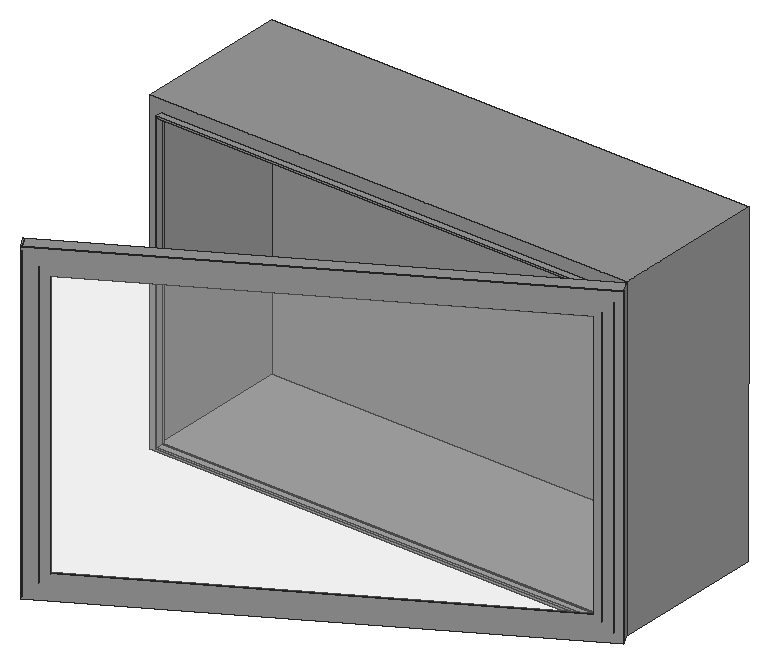
Revit family "Hager-Orion_Inox-IP66-D210-Cl.I-Inox_encl-630A-400mm-NoHosted-CH-de", category Electrical Equipment, Revit 2020
Family settings
  Panel Configuration = Two Columns, Circuits Across
  Round Connector Dimension = Use Diameter
  Part Type = Panelboard
  Work Plane-Based = Yes
  Always vertical = Yes
  Cut with Voids When Loaded = No
  Shared = No
  Room Calculation Point = No
Parameters (values of type "Aufputz IP66 B600 H400 T210  - FL017TWL")
  Width Control [instance] = if([EF000008 - Breite] > Min Width, [EF000008 - Breite], Min Width)  # 600 mm
  Type Comments = [HG000003 - Bereich]  # "Orion Inox"
  Thickness Door [instance] = if([EF009171 - Materialstärke Tür/Deckel] > 3 mm, 3 mm, [EF009171 - Materialstärke Tür/Deckel])  # 1.5 mm
  Seal Frame Offset [instance] = 17 mm  # constant formula
  Min Width [instance] = 100 mm  # constant formula
  Min Depth [instance] = (2 * [EF009170 - Materialstärke Gehäuse]) + 1 mm  # 4 mm
  Min Height [instance] = 100 mm  # constant formula
  Internal Frame Depth [instance] = -(Door System Depth * 0.5)  # -9 mm
  Panel Name [instance] = ""  # (empty or 0)
  Model = ""
  HG000027 - Sockelhöhe = 0 mm
  HG000026 - Stehend auf dem Boden = no
  HG000024 - Höhe des unteren Teils = 600 mm
  HG000023 - Gehäuse mit doppeltem Querschnitt = no
  HG000016 - 3D-Türsichtbarkeit [instance] = yes
  HG000015 - Sichtbarkeit der Türöffnung [instance] = no
  HG000014 - Tür rechts [instance] = yes
  HG000013 - Tür links [instance] = not([HG000014 - Tür rechts])  # no
  HG000012 - Türschwenkwinkel [instance] = 30.00°
  HG000010 - Asymmetrische Türen = no
  HG000009 - Doppelflügeligen Tür = no
  HG000006 - Unterputz = no
  HG000004 - Herstellerreferenz = "FL017TWL"
  HG000003 - Bereich = "Orion Inox"
  HG000002 - Mit tür = yes
  Frame Offset Bottom [instance] = 10 mm  # constant formula
  Frame Offset [instance] = 15 mm  # constant formula
  EF015940 - Deckel mit Überdruckentlastung = no
  EF011959 - Schutzart (NEMA) = ""
  EF009554 - Anzahl der Öffnungen für Flanschplatten = 0
  EF009212 - Ausführung Deckel = "EV000116 - geschlossen"
  EF009171 - Materialstärke Tür/Deckel = 1.5 mm
  EF009170 - Materialstärke Gehäuse = 1.5 mm
  EF008873 - Nennstrom (In) = 630 A
  EF007800 - Geeignet für Blitzschutz = no
  EF006306 - Mit Schloss = yes
  EF006244 - Transparenter Deckel/Tür = yes
  EF005474 - Schutzart (IP) = "EV006422 - IP66"
  EF004464 - Art der Tür = "EV002646 - Einzel"
  EF004427 - Anzahl der Module = 0
  EF004293 - Schlagfestigkeit = "EV006814 - IK08"
  EF003532 - Geeignet für Außengebrauch = yes
  EF002950 - Breite in Teilungseinheiten = 0
  EF001613 - Funktionserhalt = "EV000494 - ohne"
  EF001596 - Werkstoff des Gehäuses = "EV000166 - rostfreier Stahl"
  EF001131 - Innentiefe = 176 mm
  EF001088 - Anbaumöglichkeit = yes
  EF000437 - Anzahl der Leitungseinführungen = 0
  EF000339 - Art der Abdeckung = "EV004216 - Tür"
  EF000266 - Anzahl der Reihen = 0
  EF000218 - Einbautiefe = 0 mm
  EF000118 - Mit Montageplatte = no
  EF000116 - RAL-Nummer = ""
  EF000049 - Tiefe = 210 mm
  EF000040 - Höhe = 400 mm
  EF000008 - Breite = 600 mm
  EF000007 - Farbe = "EV000154 - sonstige"
  EF000003 - Montageart = "EV000384 - Aufputz"
  Door System Leaf Tolerance [instance] = 1.5 mm  # constant formula
  Door System Depth [instance] = 18 mm  # constant formula
  Description = ""
  Default Elevation = 1219.2 mm
  Connector Offset [instance] = Height Control / 2  # 200 mm
  Manufacturer = "Hager"  # constant formula
  Height Control [instance] = if([EF000040 - Höhe] > Min Height, [EF000040 - Höhe], Min Height)  # 400 mm
  Depth Control [instance] = if([EF000049 - Tiefe] > Min Depth, [EF000049 - Tiefe], Min Depth)  # 210 mm
Types (12, lengths in mm): name | Width Control | HG000004 - Herstellerreferenz | EF009212 - Ausführung Deckel | EF006306 - Mit Schloss | EF006244 - Transparenter Deckel/Tür | EF004293 - Schlagfestigkeit | EF001613 - Funktionserhalt | EF000008 - Breite
  Aufputz IP66 B300 H400 T210  - FL015BW | 300 | "FL015BW" | "EV000116 - geschlossen" | yes | no | "EV008784 - IK10" | "EV000494 - ohne" | 300
  Aufputz IP66 B300 H400 T210  - FL015BWL | 300 | "FL015BWL" | "EV000116 - geschlossen" | yes | no | "EV008784 - IK10" | "EV000494 - ohne" | 300
  Aufputz IP66 B300 H400 T210  - FL015TW | 300 | "FL015TW" | "EV000116 - geschlossen" | yes | yes | "EV006814 - IK08" | "EV000494 - ohne" | 300
  Aufputz IP66 B300 H400 T210  - FL015TWL | 300 | "FL015TWL" | "EV000116 - geschlossen" | yes | yes | "EV006814 - IK08" | "EV000494 - ohne" | 300
  Aufputz IP66 B400 H400 T210  - FL016BW | 400 | "FL016BW" | "EV009916 - mit Ausschnitt" | no | no | "EV008784 - IK10" | "" | 400
  Aufputz IP66 B400 H400 T210  - FL016BWL | 400 | "FL016BWL" | "EV009916 - mit Ausschnitt" | no | no | "EV008784 - IK10" | "" | 400
  Aufputz IP66 B400 H400 T210  - FL016TW | 400 | "FL016TW" | "EV000116 - geschlossen" | yes | yes | "EV006814 - IK08" | "EV000494 - ohne" | 400
  Aufputz IP66 B400 H400 T210  - FL016TWL | 400 | "FL016TWL" | "EV000116 - geschlossen" | yes | yes | "EV006814 - IK08" | "EV000494 - ohne" | 400
  Aufputz IP66 B600 H400 T210  - FL017BW | 600 | "FL017BW" | "EV000116 - geschlossen" | yes | no | "EV008784 - IK10" | "EV000494 - ohne" | 600
  Aufputz IP66 B600 H400 T210  - FL017BWL | 600 | "FL017BWL" | "EV000116 - geschlossen" | yes | no | "EV008784 - IK10" | "EV000494 - ohne" | 600
  Aufputz IP66 B600 H400 T210  - FL017TW | 600 | "FL017TW" | "EV000116 - geschlossen" | yes | yes | "EV006814 - IK08" | "EV000494 - ohne" | 600
  Aufputz IP66 B600 H400 T210  - FL017TWL | 600 | "FL017TWL" | "EV000116 - geschlossen" | yes | yes | "EV006814 - IK08" | "EV000494 - ohne" | 600
Reference planes
  plane 1 "Center (Front/Back)": y = 0
  plane 2: z = 0
  plane 3 "Center (Left/Right)": x = 0
  plane 4: y = 0
  plane 5: y = 0
  plane 6: z = 0
  plane 7: x = -300
  plane 8: x = 300
  plane 9: x = 298.5
  plane 10: x = -298.5
  plane 11: z = 0
  plane 12: z = 1.5
  plane 13: y = -210
  plane 14: y = -1.5
  plane 15: x = 0
  plane 16: y = -192
  plane 17: y = -208.5
  plane 18: y = -190.5
  plane 19: x = -283.5
  plane 20: x = 283.5
  plane 21: z = 11.5
  plane 22: x = -283
  plane 23: x = 283
  plane 24: z = 0
  plane 25: z = 400
  plane 26: z = 400
  plane 27: z = 383.5
  plane 28: z = 398.5
Forms (mm)
  Extrusion 1, solid, material "Hager_Stainless_Steel", detail levels medium+fine
    sketch origin (-208.679, -4572, 0) x (-1, 0, 0) y (0, -1, 0)
      loop
        line (91.321, -4380) -> (-508.679, -4380) -> (-508.679, -4572) -> (91.321, -4572) -> (91.321, -4380)
    from 0 to 400
  Extrusion 2, void
    sketch origin (-350.771, -210, 1219.2) x (1, 0, 0) y (0, 0, 1)
      loop
        line (52.271, -820.7) -> (52.271, -1217.7) -> (649.271, -1217.7) -> (649.271, -820.7) -> (52.271, -820.7)
    from -19.5 to -208.5
  Extrusion 3, void
    sketch origin (-290.084, -192, 1219.2) x (1, 0, 0) y (0, 0, 1)
      loop
        line (6.584, -1207.7) -> (573.584, -1207.7) -> (573.584, -835.7) -> (6.584, -835.7) -> (6.584, -1207.7)
    from 0 to -1.5
  Extrusion 4, solid, material "Hager_Stainless_Steel", detail levels fine
    sketch origin (-290.084, -192, 1219.2) x (-1, 0, 0) y (0, 0, 1)
      loop
        line (-573.584, -1207.7) -> (-6.584, -1207.7) -> (-6.584, -835.7) -> (-573.584, -835.7) -> (-573.584, -1207.7)
      loop
        line (-575.084, -1209.2) -> (-5.084, -1209.2) -> (-5.084, -834.2) -> (-575.084, -834.2) -> (-575.084, -1209.2)
    from 0 to -9 <- "Internal Frame Depth"
  Extrusion 5, solid, material "Hager_Stainless_Steel", detail levels coarse
    sketch origin (0, 0, 0) x (1, 0, 0) y (0, 1, 0)
      loop
        line (-300, 0) -> (-300, -210) -> (300, -210) -> (300, 0) -> (-300, 0)
    from 0 to 400 <- "Height Control"
Cuts and joins
  Extrusion 2, Extrusion 3 cuts Extrusion 1
Lines and regions (mm)
  Masking region 1
    outline origin (0, 0, 0) x (1, 0, 0) y (0, 1, 0)
      loop
        line (-300, 0) -> (-300, -210) -> (300, -210) -> (300, 0) -> (-300, 0)
  Masking region 2
    outline origin (-290.084, -192, 1219.2) x (-1, 0, 0) y (0, 0, 1)
      loop
        line (-590.084, -1219.2) -> (9.916, -1219.2) -> (9.916, -819.2) -> (-590.084, -819.2) -> (-590.084, -1219.2)
  Masking region 3, detail levels coarse
    outline origin (0, 0, 0) x (0, 1, 0) y (0, 0, 1)
      loop
        line (0, 0) -> (0, 400) -> (-210, 400) -> (-210, 0) -> (0, 0)
  Masking region 4, detail levels medium+fine
    outline origin (0, 0, 594.038) x (0, 1, 0) y (0, 0, 1)
      loop
        line (0, -594.038) -> (0, -194.038) -> (-192, -194.038) -> (-192, -594.038) -> (0, -594.038)
Dimensions and locks
  locked: plane 1 "Center (Front/Back)" to plane 5
  "EF009170 - Materialstärke Gehäuse": plane 7 to plane 10
  "EF009170 - Materialstärke Gehäuse": plane 8 to plane 9
  equal spacing: plane 7, plane 3 "Center (Left/Right)", plane 8
  "Width Control": plane 7 to plane 8
  "Depth Control": plane 4 to plane 13
  "EF009170 - Materialstärke Gehäuse": plane 4 to plane 14
  "Height Control": plane 25 to level
  "EF009170 - Materialstärke Gehäuse": plane 12 to plane 11
  "EF009170 - Materialstärke Gehäuse": plane 17 to plane 13
  "EF009170 - Materialstärke Gehäuse": plane 18 to plane 16
  "Frame Offset Bottom": plane 21 to plane 12
  "Frame Offset": plane 10 to plane 19
  "Frame Offset": plane 9 to plane 20
  "Door System Depth": plane 16 to plane 13
  "Seal Frame Offset": plane 7 to plane 22
  "Seal Frame Offset": plane 8 to plane 23
  "EF009170 - Materialstärke Gehäuse": plane 26 to plane 28
  "Frame Offset": plane 28 to plane 27
  "Connector Offset": plane 2 to connector elem
  "Thickness Door": cut or joined group of Extrusion 1, Extrusion 2, Extrusion 3 to Extrusion 4 sketch curve
  "Thickness Door": Extrusion 4 sketch curve to plane 19
  "Thickness Door": Extrusion 4 sketch curve to plane 20
  "Thickness Door": Extrusion 4 sketch curve to plane 27
  aligned and locked: Extrusion 2 sketch curve to plane 12
  aligned and locked: Extrusion 2 sketch curve to plane 9
  aligned and locked: Extrusion 2 sketch curve to plane 10
  aligned and locked: plane 14 to Extrusion 2
  aligned and locked: plane 4 to Extrusion 1 sketch curve
  aligned and locked: plane 8 to Extrusion 1 sketch curve
  aligned and locked: plane 7 to Extrusion 1 sketch curve
  aligned and locked: Extrusion 2 to plane 18
  aligned and locked: plane 19 to Extrusion 3 sketch curve
  aligned and locked: plane 20 to Extrusion 3 sketch curve
  aligned and locked: Extrusion 3 to Extrusion 2
  aligned and locked: Extrusion 3 sketch curve to plane 21
  aligned and locked: plane 3 "Center (Left/Right)" to nested 1
  aligned and locked: Extrusion 1 sketch curve to plane 16
  aligned and locked: Masking region 1 sketch curve to plane 7
  aligned and locked: Masking region 1 sketch curve to plane 5
  aligned and locked: Masking region 1 sketch curve to plane 8
  aligned and locked: Masking region 2 sketch curve to level
  aligned and locked: level to Masking region 3 sketch curve
  aligned and locked: plane 1 "Center (Front/Back)" to Masking region 3 sketch curve
  aligned and locked: plane 13 to Masking region 3 sketch curve
  aligned and locked: Masking region 2 sketch curve to plane 8
  aligned and locked: Masking region 2 sketch curve to plane 7
  aligned and locked: plane 7 to nested 2
  aligned and locked: nested 2 to plane 5
  aligned and locked: plane 5 to Masking region 4 sketch curve
  aligned and locked: plane 26 to Masking region 4 sketch curve
  aligned and locked: Extrusion 5 sketch curve to plane 8
  aligned and locked: Extrusion 5 sketch curve to plane 7
  aligned and locked: Extrusion 5 sketch curve to plane 5
  aligned and locked: Extrusion 3 sketch curve to plane 27
  aligned and locked: Extrusion 2 sketch curve to plane 28
  aligned and locked: Extrusion 4 sketch curve to plane 27
  aligned and locked: Extrusion 4 sketch curve to plane 20
  aligned and locked: Extrusion 4 sketch curve to plane 21
  aligned and locked: Extrusion 4 sketch curve to plane 19
  aligned and locked: Masking region 2 to plane 25
  aligned and locked: Masking region 4 sketch curve to plane 24
  aligned and locked: Masking region 1 to plane 13
  aligned and locked: nested 1 to plane 16
  aligned and locked: Masking region 3 to plane 25
  aligned and locked: Masking region 4 sketch curve to plane 16
  aligned and locked: plane 24 to plane 11
  aligned and locked: plane 26 to plane 25
  aligned and locked: level to plane 24
  aligned and locked: Extrusion 1 to Masking region 3
  aligned and locked: level to nested 1
Automatic sketch dimensions
  Extrusion 5 sketch curve to plane 13 = 0 mm
  plane 27 to Masking region 2 sketch curve = 16.5 mm
  plane 27 to Masking region 3 sketch curve = 16.5 mm
  Masking region 1 sketch curve to plane 13 = 0 mm
  Extrusion 3 sketch curve to plane 21 = 0 mm
  plane 19 to Extrusion 3 sketch curve = 0 mm
  Extrusion 3 sketch curve to plane 20 = 0 mm
Nested families
  nested 1: "EC000058_OrionInox_Door" at (0, -192, 0), Double <- "HG000009 - Doppelflügeligen Tür", Transparent <- "EF006244 - Transparenter Deckel/Tür", Angle <- "HG000012 - Türschwenkwinkel", Door_Right <- "HG000014 - Tür rechts", Assymetrical <- "HG000010 - Asymmetrische Türen", Door <- "HG000002 - Mit tür", Width_Ctrl <- "Width Control", 3d_Door <- "HG000016 - 3D-Türsichtbarkeit", Clearance <- "HG000015 - Sichtbarkeit der Türöffnung", Door_Left <- "HG000013 - Tür links", Width <- "Width Control", Door_Depth <- "Door System Depth", Leaf_Tolerance <- "Door System Leaf Tolerance", Height <- "Height Control", Thickness <- "Thickness Door", type "EC000058_OrionInox_Door", detail levels medium+fine
    with min_wh 4 mm, Width_Ctrl 600 mm, Width 600 mm, Transparent yes, Thickness 1.5 mm, Seal_Material Hager_Rubber, Leaf_Width 600 mm, Leaf_Tolerance_External_Sides 0 mm, Leaf_Tolerance 1.5 mm, Leaf_Offset 0 mm, Leaf_Height 397 mm, Leaf_2_Width 600 mm, Leaf_2_Offset 300 mm, Leaf_1_Width 600 mm, Leaf_1_Offset 300 mm, Height_Ctrl 400 mm, Height 400 mm, Glass_Material Hager_Glass, Double_Clearance_Ctrl no, Double no, Door_Right_Ctrl yes, Door_Right yes, Door_Material Hager_Stainless_Steel, Door_Left_Ctrl no, Door_Left no, Door_Depth 18 mm, Door yes, Clearance_Material Hager_Clearance, Clearance_Depth 600 mm, Clearance_Ctrl no, Clearance no, Assymetrical no, Angle 30.00°, 3d_Door yes
  nested 2: "Hager_Enclosure_Symbol" at (-300, 0, 0), Height <- "Depth Control", Width <- "Width Control", type "Hager_Enclosure_Symbol"
    with Width_Ctrl 600 mm, Width 600 mm, Height_Ctrl 210 mm, Height 210 mm, A_Width_Int 13.781 mm, A_Width 165.375 mm, A_Height_Ctrl 183.75 mm, A_Height 183.75 mm
Connectors
  electrical at (0, 0, 200)
    settings: on plane 1 "Center (Front/Back)", index 1, voltage 0 V, apparent load 0 VA, apparent load phase1 0 VA, apparent load phase2 0 VA, apparent load phase3 0 VA, power factor 1, load classification "Other", number of poles 1, system type 30, power factor state 1, is connector primary yes, connector utility no, sub classification motor no, connector description ""
Definition of nested family "EC000058_OrionInox_Door"
  Parameters (values of type "EC000058_OrionInox_Door")
    min_wh [instance] = (2 * Thickness) + 1 mm  # 11 mm
    Width_Ctrl [instance] = 400 mm
    Width [instance] = 500 mm
    Transparent [instance] = yes
    Thickness [instance] = 5 mm
    Seal_Material [instance] = none
    Leaf_Width [instance] = if((Width_Ctrl - 2 * Leaf_Tolerance_External_Sides) > 0 mm, (Width_Ctrl - 2 * Leaf_Tolerance_External_Sides), min_wh)  # 400 mm
    Leaf_Tolerance_External_Sides [instance] = 0 mm  # constant formula
    Leaf_Tolerance [instance] = 1.5 mm
    Leaf_Offset [instance] = 0 mm  # constant formula
    Leaf_Height [instance] = if((Height_Ctrl - 2 * Leaf_Tolerance) > 0 mm, (Height_Ctrl - 2 * Leaf_Tolerance), min_wh)  # 497 mm
    Leaf_2_Width [instance] = if(and(and(Double, Assymetrical), Door_Left), (Leaf_Width / 3) - (Leaf_Tolerance / 2), if(and(and(Double, Assymetrical), Door_Right), (Leaf_Width / 3) * 2 - (Leaf_Tolerance / 2), if(and(Double, not(Assymetrical)), (Leaf_Width / 2) - Leaf_Tolerance, Leaf_Width)))  # 400 mm
    Leaf_2_Offset [instance] = if(and(Double, Assymetrical), Leaf_2_Width / 2, if(and(Double, not(Assymetrical)), Leaf_Width / 4, Leaf_Width / 2))  # 200 mm
    Leaf_1_Width [instance] = if(and(and(Double, Assymetrical), Door_Right), (Leaf_Width / 3) - (Leaf_Tolerance / 2), if(and(and(Double, Assymetrical), Door_Left), (Width / 3) * 2 - (Leaf_Tolerance / 2), if(and(Double, not(Assymetrical)), (Leaf_Width / 2) - Leaf_Tolerance, Leaf_Width)))  # 400 mm
    Leaf_1_Offset [instance] = if(and(Double, Assymetrical), Leaf_1_Width / 2, if(and(Double, not(Assymetrical)), Leaf_Width / 4, Leaf_Width / 2))  # 200 mm
    Height_Ctrl [instance] = if(Height > min_wh, Height, min_wh)  # 500 mm
    Height [instance] = 500 mm
    Glass_Material [instance] = none
    Double_Clearance_Ctrl [instance] = and(Double, Clearance)  # no
    Double [instance] = no
    Door_Right_Ctrl [instance] = and(or(Door_Right, Double), Door)  # yes
    Door_Right [instance] = yes
    Door_Material [instance] = none
    Door_Left_Ctrl [instance] = and(or(Door_Left, Double), Door)  # no
    Door_Left [instance] = no
    Door_Depth [instance] = 30 mm
    Door [instance] = yes
    Default Elevation = 1219.2 mm
    Clearance_Material [instance] = none
    Clearance_Depth [instance] = if(Leaf_1_Width > Leaf_2_Width, Leaf_1_Width, Leaf_2_Width)  # 400 mm
    Clearance_Ctrl [instance] = and(not(Double), Clearance)  # yes
    Clearance [instance] = yes
    Assymetrical [instance] = yes
    Angle [instance] = 30.00°
    3d_Door [instance] = yes
  Reference planes
    plane 1 "Center (Front/Back)": y = 0
    plane 2 "Bottom": z = 0
    plane 3 "Center (Left/Right)": x = 0
    plane 4: z = 500
    plane 5: x = -200
    plane 6: x = 200
    plane 7: z = 500
    plane 8: x = -200
    plane 9: z = 0
    plane 10: x = 200
    plane 11: y = 0
    plane 12: z = 1.5
    plane 13: x = -600
    plane 14: y = -400
    plane 15: x = 600
    plane 16: x = 0
    plane 17: x = 0
    plane 18: x = -200
    plane 19: x = 200
    plane 20: z = 498.5
  Forms (mm)
    Extrusion 1, solid, material <- "Clearance_Material", visible <- "Double_Clearance_Ctrl"
      sketch origin (1200, 0, 0) x (1, 0, 0) y (0, 0, -1)
        loop
          line (-1800, -498.5) -> (-600, -498.5) -> (-600, 0) -> (-1800, 0) -> (-1800, -498.5)
      from 0 to -400
  Dimensions and locks
    equal spacing: plane 5, plane 3 "Center (Left/Right)", plane 6
    "Width_Ctrl": plane 5 to plane 6
    "Leaf_Offset": plane 5 to plane 8
    "Leaf_Offset": plane 6 to plane 10
    "Leaf_Offset": plane 9 to level
    "Leaf_Offset": plane 4 to plane 7
    "Height_Ctrl": plane 4 to level
    "Leaf_Tolerance": plane 12 to plane 9
    locked: plane 11 to plane 1 "Center (Front/Back)"
    "Leaf_1_Offset": plane 18 to plane 16
    "Leaf_2_Offset": plane 17 to plane 19
    "Leaf_1_Width": plane 13 to plane 8
    "Leaf_2_Width": plane 10 to plane 15
    "Clearance_Depth": plane 14 to plane 1 "Center (Front/Back)"
    "Leaf_Tolerance_External_Sides": plane 8 to plane 18
    "Leaf_Tolerance_External_Sides": plane 19 to plane 10
    "Leaf_Tolerance": plane 7 to plane 20
    aligned and locked: level to plane 2 "Bottom"
    aligned and locked: nested 1 to plane 16
    aligned and locked: nested 2 to plane 17
    aligned and locked: Extrusion 1 to plane 13
    aligned and locked: plane 15 to Extrusion 1
    aligned and locked: Extrusion 1 to plane 14
    aligned and locked: plane 12 to nested 1
    aligned and locked: nested 2 to plane 12
    aligned and locked: Extrusion 1 to plane 11
    aligned and locked: plane 20 to Extrusion 1
    aligned and locked: nested 2 to plane 11
    aligned and locked: nested 1 to plane 11
  Automatic sketch dimensions
    Extrusion 1 sketch curve to level = 0 mm
    plane 5 to Extrusion 1 sketch curve = 400 mm
    plane 6 to Extrusion 1 sketch curve = 400 mm
    Extrusion 1 sketch curve to plane 4 = 1.5 mm
  Nested families
    nested 1: "EC000058_OrionInox_Door_Leaf" at (0, 0, 1.5), Width <- "Leaf_1_Width", visible <- "Door_Left_Ctrl", Leaf_Height <- "Leaf_Height", Angle <- "Angle", 3d_Door <- "3d_Door", Transparent <- "Transparent", Clearance Material <- "Clearance_Material", Clearance <- "Clearance_Ctrl", Door_Material <- "Door_Material", Glass_Material <- "Glass_Material", Door_Depth <- "Door_Depth", Seal_Material <- "Seal_Material", Thickness <- "Thickness", type "EC000058_OrionInox_Door_Leaf"
      with Width 400 mm, Transparent_Ctrl yes, Transparent yes, Thickness 5 mm, Standard no, Seal_Material none, Seal_D2 8 mm, Seal_D1 1 mm, Offset_Internal_Frame 10 mm, Lock_Width 28 mm, Lock_Thickness 2 mm, Lock_Radius 6 mm, Leaf_Height 497 mm, Internal_Seal_Thickness 8 mm, Internal_Seal_Depth_2 4.5 mm, Internal_Frame_Depth 25 mm, Glass_Thickness -1 mm, Glass_Offset -2 mm, Glass_Material none, Door_Material none, Door_Depth 30 mm, Clearance Material none, Clearance yes, Angle_Ctrl 30.00°, Angle 30.00°, 3d_Door yes
    nested 2: "EC000058_OrionInox_Door_Leaf" at (0, 0, 1.5) x (-1, 0, 0) z (0, 0, 1), Width <- "Leaf_2_Width", visible <- "Door_Right_Ctrl", Leaf_Height <- "Leaf_Height", Angle <- "Angle", 3d_Door <- "3d_Door", Transparent <- "Transparent", Clearance Material <- "Clearance_Material", Clearance <- "Clearance_Ctrl", Door_Material <- "Door_Material", Glass_Material <- "Glass_Material", Door_Depth <- "Door_Depth", Seal_Material <- "Seal_Material", Thickness <- "Thickness", type "EC000058_OrionInox_Door_Leaf"
      with Width 400 mm, Transparent_Ctrl yes, Transparent yes, Thickness 5 mm, Standard no, Seal_Material none, Seal_D2 8 mm, Seal_D1 1 mm, Offset_Internal_Frame 10 mm, Lock_Width 28 mm, Lock_Thickness 2 mm, Lock_Radius 6 mm, Leaf_Height 497 mm, Internal_Seal_Thickness 8 mm, Internal_Seal_Depth_2 4.5 mm, Internal_Frame_Depth 25 mm, Glass_Thickness -1 mm, Glass_Offset -2 mm, Glass_Material none, Door_Material none, Door_Depth 30 mm, Clearance Material none, Clearance yes, Angle_Ctrl 30.00°, Angle 30.00°, 3d_Door yes
  Definition of nested family "EC000058_OrionInox_Door_Leaf"
    Parameters (values of type "EC000058_OrionInox_Door_Leaf")
      Width [instance] = 450 mm
      Transparent_Ctrl [instance] = and(Transparent, [3d_Door])  # yes
      Transparent [instance] = yes
      Thickness [instance] = 5 mm
      Standard [instance] = and(not(Transparent), [3d_Door])  # no
      Seal_Material [instance] = none
      Seal_D2 [instance] = 8 mm  # constant formula
      Seal_D1 [instance] = 1 mm  # constant formula
      Offset_Internal_Frame [instance] = 10 mm  # constant formula
      Lock_Width [instance] = Door_Depth - Lock_Thickness  # 28 mm
      Lock_Thickness [instance] = 2 mm  # constant formula
      Lock_Radius [instance] = 6 mm  # constant formula
      Leaf_Height [instance] = 450 mm
      Internal_Seal_Thickness [instance] = 8 mm  # constant formula
      Internal_Seal_Depth_2 [instance] = 4.5 mm  # constant formula
      Internal_Frame_Depth [instance] = if(Door_Depth - Thickness > 5 mm, Door_Depth - Thickness, 5 mm)  # 25 mm
      Glass_Thickness [instance] = if(Thickness > 15 mm, Glass_Offset + 10 mm, -1 mm)  # -1 mm
      Glass_Offset [instance] = if(Thickness > 15 mm, -(Thickness + 10 mm) / 2, -2 mm)  # -2 mm
      Glass_Material [instance] = none
      Door_Material [instance] = none
      Door_Depth [instance] = 30 mm
      Default Elevation = 0 mm
      Clearance Material [instance] = none
      Clearance [instance] = yes
      Angle_Ctrl [instance] = if(Angle > 180.00°, 180.00°, Angle)  # 90.00°
      Angle [instance] = 90.00°
      3d_Door [instance] = yes
    Reference planes
      plane 1 "Center (Front/Back)": y = 0
      plane 2: z = 0
      plane 3 "Center (Left/Right)": x = 0
      plane 4: y = 450
      plane 5: x = -225
      plane 6: x = 225
      plane 7: x = -675
      plane 8: z = 450
      plane 9: z = 30
      plane 10: z = 420
      plane 11: x = 195
      plane 12: x = -195
      plane 13: y = -3
      plane 14: z = 107.833
      plane 15: y = -5
      plane 16: y = -223.314
      plane 17: x = -225
      plane 18: y = 30
    Forms (mm)
      Extrusion 1, solid, material <- "Clearance Material", visible <- "Clearance"
        sketch origin (0, 0, 0) x (1, 0, 0) y (0, 0, 1)
          loop
            line (-675, 450) -> (-675, 0) -> (225, 0) -> (225, 450) -> (-675, 450)
        from 0 to -450
      Extrusion 2, solid, material <- "Door_Material", visible <- "Standard", detail levels medium+fine
        sketch origin (-225, 0, 0) x (0, 1, 0) y (-1, 0, 0)
          loop
            line (0, 30) -> (0, 25) -> (450, 25) -> (450, 30) -> (0, 30)
        from 0 to 450 <- "Leaf_Height"
      Extrusion 3, solid, material <- "Door_Material", visible <- "Transparent_Ctrl", detail levels medium+fine
        sketch origin (-225, 0, 0) x (0, 1, 0) y (-1, 0, 0)
          loop
            line (0, 25) -> (450, 25) -> (450, 30) -> (0, 30) -> (0, 25)
        from 0 to 450 <- "Leaf_Height"
      Extrusion 4, void
        sketch origin (-250, 450, 0) x (0, 1, 0) y (0, 0, -1)
          loop
            line (-30, -420) -> (-30, -30) -> (-420, -30) -> (-420, -420) -> (-30, -420)
        from 0 to 5 <- "Thickness"
      Sweep 5, solid, material <- "Seal_Material", visible <- "Transparent_Ctrl", detail levels fine
        path in 3D
          loop
            line (-250, 30, 30) -> (-250, 30, 420) -> (-250, 420, 420) -> (-250, 420, 30) -> (-250, 30, 30)
        profile origin (-250, 225, 30) x (1, 0, 0) y (0, 0, 1)
          loop
            line (0, 0) -> (0, -8) -> (1, -8) -> (1, 0) -> (0, 0)
      Extrusion 6, solid, material <- "Glass_Material", visible <- "Transparent_Ctrl", detail levels medium+fine
        sketch origin (-255, 0, 0) x (0, 1, 0) y (0, 0, -1)
          loop
            line (420, -420) -> (420, -30) -> (30, -30) -> (30, -420) -> (420, -420)
        from -2 <- "Glass_Offset" to -1 <- "Glass_Thickness"
      Extrusion 7, solid, material <- "Door_Material", visible <- "3d_Door", detail levels medium+fine
        sketch origin (-250, 450, 0) x (0, -1, 0) y (0, 0, -1)
          loop
            line (0, -450) -> (450, -450) -> (450, 0) -> (0, 0) -> (0, -450)
          loop
            line (445, -5) -> (5, -5) -> (5, -445) -> (445, -445) -> (445, -5)
        from 0 to 25 <- "Internal_Frame_Depth"
      Sweep 8, solid, material <- "Seal_Material", visible <- "Transparent_Ctrl", detail levels fine
        path in 3D
          loop
            line (-250, 0, 0) -> (-250, 450, 0) -> (-250, 450, 450) -> (-250, 0, 450) -> (-250, 0, 0)
        profile origin (-250, 0, 225) x (1, 0, 0) y (0, 1, 0)
          loop
            line (0, 10) -> (2.975, 10)
            arc (2.975, 10) -> (4.053, 10.447) -> (4.5, 11.525) r 1.525
            line (4.5, 11.525) -> (4.5, 16.527)
            arc (4.5, 16.527) -> (4.069, 17.569) -> (3.027, 18) r 1.473
            line (3.027, 18) -> (0, 18) -> (0, 10)
    Cuts and joins
      Extrusion 4 cuts Extrusion 3
    Lines and regions (mm)
      Masking region 1, detail levels medium+fine
        outline origin (0, 0, 0) x (0, 1, 0) y (0, 0, 1)
          loop
            line (0, 0) -> (30, 0) -> (30, 450) -> (0, 450) -> (0, 0)
      Masking region 2, detail levels medium+fine
        outline origin (0, 0, 0) x (1, 0, 0) y (0, 0, 1)
          loop
            line (-225, 450) -> (-225, 0) -> (225, 0) -> (225, 450) -> (-225, 450)
      symbolic lines
        curve 1: line (225, 0, 0) -> (-675, 0, 0)
        curve 2: arc (225, 0, 0) -> (-225, 450, 0) -> (-675, 0, 0) r 450
        curve 4: line (-255, 0, 0) -> (-255, 450, 0)
      reference lines
        curve 3: line (-225, 0, 0) -> (-225, 450, 0)
      symbolic lines, detail levels medium+fine
        curve 5: line (-255, 450, 0) -> (-250, 450, 0)
        curve 7: line (-250, 0, 0) -> (-255, 0, 0)
        curve 8: line (-250, 0, 0) -> (-225, 0, 0)
        curve 9: line (-225, 0, 0) -> (-225, 450, 0)
        curve 10: line (-225, 450, 0) -> (-250, 450, 0)
      symbolic lines, detail levels fine
        curve 6: line (-250, 450, 0) -> (-250, 0, 0)
      sketch lines
        curve 11: line (-250, 0, 450) -> (-250, 0, 0)
        curve 12: line (-250, 450, 0) -> (-250, 0, 0)
        curve 13: line (-250, 450, 450) -> (-250, 450, 0)
        curve 14: line (-250, 0, 450) -> (-250, 450, 450)
        curve 15: line (-250, 420, 30) -> (-250, 30, 30)
        curve 16: line (-250, 30, 30) -> (-250, 30, 420)
        curve 17: line (-250, 420, 420) -> (-250, 420, 30)
        curve 18: line (-250, 30, 420) -> (-250, 420, 420)
      symbolic lines, visible <- "Transparent", detail levels medium+fine
        curve 19: line (-195, 0, 420) -> (195, 0, 420)
        curve 20: line (-195, 0, 30) -> (-195, 0, 420)
        curve 21: line (195, 0, 30) -> (-195, 0, 30)
        curve 22: line (195, 0, 420) -> (195, 0, 30)
    Dimensions and locks
      "Width": plane 1 "Center (Front/Back)" to plane 4
      equal spacing: plane 5, plane 3 "Center (Left/Right)", plane 6
      "Width": plane 5 to plane 6
      "Width": plane 7 to plane 5
      "Leaf_Height": plane 8 to level
      "Width": curve 5 to curve 3
      "Width": curve 3 to curve 3
      plane 8 to plane 10 = 30 mm
      plane 9 to level = 30 mm
      plane 12 to plane 5 = 30 mm
      plane 6 to plane 11 = 30 mm
      Extrusion 4 sketch curve to Extrusion 3 = 30 mm
      Extrusion 3 to Extrusion 4 sketch curve = 30 mm
      Extrusion 1 to Extrusion 4 sketch curve = 30 mm
      curve 3 to Extrusion 4 sketch curve = 30 mm
      Extrusion 4 sketch curve to cut or joined group of Extrusion 3, Extrusion 4 = 30 mm
      cut or joined group of Extrusion 3, Extrusion 4 to Extrusion 6 sketch curve = 30 mm
      cut or joined group of Extrusion 3, Extrusion 4 to Extrusion 4 sketch curve = 30 mm
      "Thickness": curve 6 to curve 4
      "Thickness": Extrusion 7 sketch curve to Extrusion 7 sketch curve  (x4)
      "Door_Depth": curve 4 to curve 3
      "Offset_Internal_Frame": profile plane to Sweep 8 sketch curve
      "Internal_Seal_Thickness": Sweep 8 sketch curve to Sweep 8 sketch curve
      "Internal_Seal_Depth_2": profile plane to Sweep 8 sketch curve
      "Seal_D1": profile plane to Sweep 5 sketch curve
      "Seal_D2": profile plane to Sweep 5 sketch curve
      "Thickness": Extrusion 2 sketch curve to Extrusion 2 sketch curve
      "Door_Depth": plane 18 to plane 1 "Center (Front/Back)"
      radius of Sweep 8 sketch curve = 1.525 mm
      radius of Sweep 8 sketch curve = 1.473 mm
      "Angle_Ctrl": angle plane 1 "Center (Front/Back)" to curve 3
      aligned and locked: level to plane 2
      aligned and locked: Extrusion 1 to curve 1
      aligned and locked: plane 6 to Extrusion 1
      aligned and locked: plane 1 "Center (Front/Back)" to Extrusion 1
      aligned and locked: plane 4 to Extrusion 1
      aligned and locked: plane 8 to Extrusion 1
      aligned and locked: curve 7 to Extrusion 2 sketch curve
      aligned and locked: curve 5 to Extrusion 2 sketch curve
      aligned and locked: curve 7 to Extrusion 3 sketch curve
      aligned and locked: Extrusion 3 sketch curve to curve 4
      aligned and locked: Extrusion 3 sketch curve to curve 6
      aligned and locked: Extrusion 3 sketch curve to curve 5
      aligned and locked: curve 9 to curve 3
      aligned and locked: Extrusion 7 sketch curve to cut or joined group of Extrusion 3, Extrusion 4  (x4)
      aligned and locked: plane 17 to curve 3
      aligned and locked: plane 1 "Center (Front/Back)" to curve 3
      aligned and locked: plane 17 to plane 5
      aligned and locked: Sweep 8 sketch curve to profile plane
      aligned and locked: Sweep 5 sketch curve to profile plane  (x2)
      aligned and locked: plane 1 "Center (Front/Back)" to Masking region 1 sketch curve
      aligned and locked: plane 18 to Masking region 1 sketch curve
      aligned and locked: level to Masking region 1 sketch curve
      aligned and locked: Masking region 1 sketch curve to plane 8
      aligned and locked: plane 17 to Masking region 2 sketch curve
      aligned and locked: level to Masking region 2 sketch curve
      aligned and locked: Masking region 2 sketch curve to plane 8
      aligned and locked: plane 12 to curve 20
      aligned and locked: plane 10 to curve 19
      aligned and locked: plane 11 to curve 22
      aligned and locked: plane 9 to curve 21
      aligned and locked: Extrusion 2 sketch curve to cut or joined group of Extrusion 3, Extrusion 4
    Automatic sketch dimensions
      plane 1 "Center (Front/Back)" to curve 2 = 0 mm
      curve 2 to plane 5 = 0 mm
      Extrusion 1 sketch curve to level = 0 mm
      Extrusion 1 sketch curve to plane 7 = 0 mm
      Extrusion 1 sketch curve to plane 6 = 0 mm
      Extrusion 1 sketch curve to plane 8 = 0 mm
      Extrusion 3 to Extrusion 6 sketch curve = 30 mm  (x4)
      Masking region 2 sketch curve to plane 6 = 0 mm
      curve 4 to curve 3 = 0 mm
Definition of nested family "Hager_Enclosure_Symbol"
  Parameters (values of type "Hager_Enclosure_Symbol")
    Width_Ctrl [instance] = if(Width > 1 mm, Width, 1 mm)  # 102.27 mm
    Width [instance] = 102.27 mm
    Height_Ctrl [instance] = if(Height > 1 mm, Height, 1 mm)  # 66.5 mm
    A_Width_Int [instance] = if(A_Width / 12 > 2 mm, A_Width / 12, 2 mm)  # 4.364 mm
    A_Width [instance] = if(A_Height_Ctrl * 0.9 > 2 mm, A_Height_Ctrl * 0.9, 2 mm)  # 52.369 mm
    A_Height_Ctrl [instance] = if(A_Height > 2 mm, A_Height, 2 mm)  # 58.188 mm
    Height [instance] = 66.5 mm
    A_Height [instance] = Height - (Height / 8)  # 58.188 mm
  Reference planes
    plane 1 "Centre (avant/arrière)": y = 0
    plane 2: z = 0
    plane 3 "Centre (gauche/droite)": x = 0
    plane 4: x = 52.369
    plane 5: y = 33.042
    plane 6: y = 41.77
    plane 7: y = 66.5
    plane 8: x = 26.184
    plane 9: y = 37.406
    plane 10: x = 102.27
    plane 11: y = 66.5
    plane 12: y = 8.313
  Lines and regions (mm)
    Filled region 1, type "Solid_Black", in view "Niveau de réf."
      outline origin (0, 0, 0) x (1, 0, 0) y (0, 1, 0)
        loop
          line (52.369, 66.5) -> (33.188, 54.536) -> (45.365, 45.006) -> (52.369, 66.5)
    Filled region 2, type "Solid_Black", in view "Niveau de réf."
      outline origin (0, 0, 0) x (1, 0, 0) y (0, 1, 0)
        loop
          line (0, 0) -> (102.27, 0) -> (102.27, 66.5) -> (0, 0)
    detail lines, in view "Niveau de réf."
      curve 1: line (0, 8.313, 0) -> (26.184, 41.77, 0)
      curve 2: line (26.184, 41.77, 0) -> (26.184, 33.042, 0)
      curve 3: line (26.184, 33.042, 0) -> (52.369, 66.5, 0)
  Dimensions and locks
    "A_Width": plane 3 "Centre (gauche/droite)" to plane 4
    equal spacing: plane 3 "Centre (gauche/droite)", plane 8, plane 4
    equal spacing: plane 6, plane 9, plane 5
    equal spacing: curve 3, Filled region 1 sketch curve, Filled region 1 sketch curve
    "Height_Ctrl": plane 1 "Centre (avant/arrière)" to plane 11
    "A_Height_Ctrl": plane 11 to plane 12
    equal spacing: plane 11, plane 9, plane 12
    "A_Width_Int": plane 6 to plane 9
    "Width_Ctrl": plane 3 "Centre (gauche/droite)" to plane 10
    angle Filled region 1 sketch curve to curve 3 = 20.00°
    angle curve 3 to Filled region 1 sketch curve = 20.00°
    locked: curve 3 to Filled region 1 sketch curve (angle 90.00°)
    aligned and locked: plane 10 to Filled region 2
    aligned and locked: plane 11 to Filled region 2 sketch curve
    aligned and locked: plane 10 to Filled region 2 sketch curve
    aligned and locked: plane 3 "Centre (gauche/droite)" to curve 1
    aligned and locked: plane 12 to curve 1
    aligned and locked: plane 7 to plane 11
  Automatic sketch dimensions
    Filled region 1 sketch curve to plane 4 = 0 mm
    Filled region 1 sketch curve to plane 7 = 0 mm
    plane 1 "Centre (avant/arrière)" to Filled region 2 sketch curve = 0 mm
    Filled region 2 sketch curve to plane 3 "Centre (gauche/droite)" = 0 mm
    curve 2 to plane 6 = 0 mm
    curve 2 to plane 8 = 0 mm
    curve 3 to plane 4 = 0 mm
    curve 2 to plane 5 = 0 mm
    curve 3 to plane 7 = 0 mm
